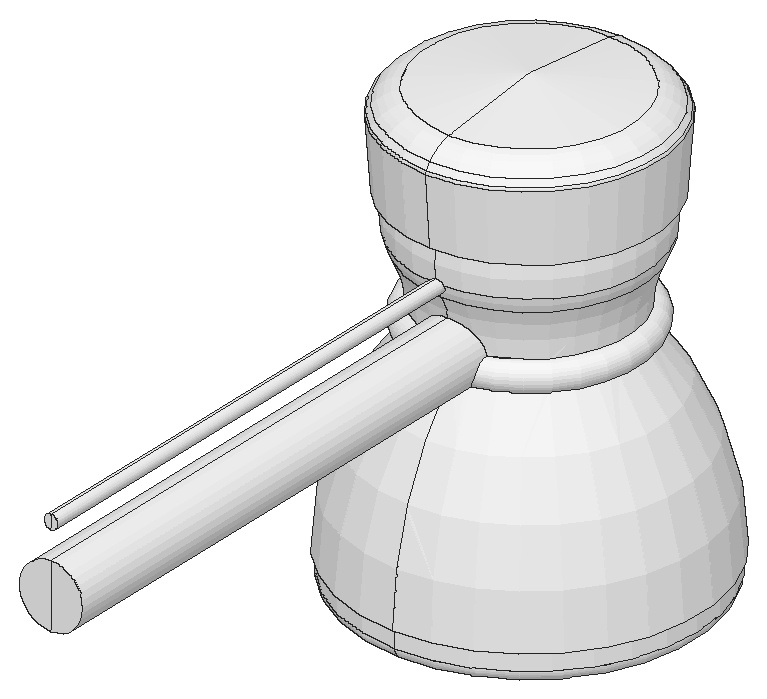
Revit family "734250001_Ducha Electrica 110V Megaducha", category Plumbing Fixtures, host Wall, Revit 2020
Family settings
  Host = Wall
  Round Connector Dimension = Use Diameter
  Part Type = Normal
  OmniClass Number = 23.31.17.00
  OmniClass Title = Showers
  Always vertical = Yes
  Cut with Voids When Loaded = No
  Shared = No
  Room Calculation Point = No
Parameters (values of type "Type 1")
  Uso = "Residencial"  # constant formula
  URL = "https://www.grival.com/griferias-y-accesorios/duchas/ducha-electrica/ducha-electrica-110v-megaducha/"
  Tensión nominal = "110 V"  # constant formula
  Temperatura de uso = "Entre 5˚C / 41 ° F a 71˚C / 159,8 °F"  # constant formula
  Resistividad mínima del agua = "1300 Ω cm"  # constant formula
  Resistencia = "Resistente a la corrosión, pelado y decoloración por agua"  # constant formula
  Referencia = "734250001"  # constant formula
  Productos compatibles = "Brazo DH Electrica con malla, Brazo DH Electrica Telescopio"  # constant formula
  Presión mínima recomendada = "14.5 psi"  # constant formula
  Presión máxima recomendada = "58 psi"  # constant formula
  Potencia Nominal = "4050 W"  # constant formula
  Peso neto = "390 g. - 0.86 lb"  # constant formula
  Normatividad = "NBR 12483, NBR 12087, NBR 12089, NBR 12090"  # constant formula
  Material = Corona_Plastico_Blanco
  Manufacturer = "Grival"  # constant formula
  Largo = 140 mm
  Interruptor Requerido = "40 A"  # constant formula
  Grado de protección = "IP24"  # constant formula
  Garantía = "2 años"  # constant formula
  Fecha de creación = "21/06/2021"  # constant formula
  Diámetro = 100 mm
  Dimensión de la regadera = "150 x 121 x 121 mm"  # constant formula
  Description = "Ducha eléctrica con certificación RETIE fabricado en aleaciones de cobre, acero, plata, níquel, cromo, aluminio, elastómeros y termoplásticos. 3 temperaturas (FRIO, TÍBIO Y CALIENTE) es posible alcanzar la temperatura ideal y tener el consumo de energía eléctrica de acuerdo a la necesidad. En días y/o regiones más frías, se puede disfrutar de agua caliente en la posición CALIENTE y en días calientes, la economía puede alcanzar 65%, utilizando la ducha en la posición TÍBIA."  # constant formula
  Default Elevation = 0 mm
  Creado por = "BIMBAU"  # constant formula
  Corriente Nominal = "36.8 A"  # constant formula
  Cableado mínimo = "10 mm2 - 8 AWG"  # constant formula
Reference planes
  plane 1: y = 0
  plane 2 "Center (Left/Right)": x = 125
  plane 3 "Back": y = 75
  plane 4: x = 75
  plane 5: x = 175
  plane 6: y = 300
  plane 7: z = 2123
  plane 8: z = 1983
  plane 9: y = 200
  plane 10: y = 250
Forms (mm)
  Extrusion 1, solid, material "Corona_Plastico_Blanco" <- "Material", detail levels coarse
    sketch origin (-323.441, 300, 4000) x (-1, 0, 0) y (0, 0, 1)
      loop
        line (-398.441, -1877) -> (-498.441, -1877) -> (-498.441, -2017) -> (-398.441, -2017) -> (-398.441, -1877)
    from 0 to -225
  Revolve 2, solid, material "Corona_Plastico_Blanco" <- "Material", detail levels medium+fine
    sketch origin (125, 0, 0) x (0, 1, 0) y (0, 0, 1)
      loop
        line (250, 1983.04) -> (250, 2123)
        arc (250, 2123) -> (235.134, 2121.969) -> (220.421, 2119.61) r 166.016
        arc (220.421, 2119.61) -> (216.713, 2118.161) -> (213.694, 2115.568) r 11.865
        arc (213.694, 2115.568) -> (213.075, 2114.772) -> (212.511, 2113.936) r 15.379
        arc (212.511, 2113.936) -> (212.295, 2113.462) -> (212.212, 2112.948) r 1.946
        arc (212.212, 2112.948) -> (212.45, 2102.933) -> (213.658, 2092.989) r 103.104
        line (213.658, 2092.989) -> (215.949, 2092.989)
        arc (215.949, 2092.989) -> (215.481, 2087.884) -> (215.949, 2082.779) r 28.071
        arc (215.949, 2082.779) -> (216.551, 2080.568) -> (217.511, 2078.487) r 13.806
        arc (217.511, 2078.487) -> (220.372, 2071.496) -> (221.389, 2064.012) r 29.882
        arc (221.389, 2064.012) -> (217.246, 2059.869) -> (221.389, 2055.725) r 4.143
        arc (221.389, 2055.725) -> (205.482, 2029.175) -> (200, 1998.714) r 86.035
        line (200, 1998.714) -> (200.79, 1998.714) -> (200.79, 1993.672)
        arc (200.79, 1993.672) -> (201.498, 1991.545) -> (203.338, 1990.267) r 3.549
        arc (203.338, 1990.267) -> (226.43, 1985.109) -> (250, 1983.04) r 179.068
      axis (250, 2123) -> (250, 1983.04)
    angle from 0 to 360
  Revolve 3, solid, material "Corona_Plastico_Blanco" <- "Material", detail levels medium+fine
    sketch origin (125, 1.25, 11.25) x (0, 1, 0) y (0, 0, 1)
      loop
        line (283.242, 2092.893) -> (290.818, 2092.893) -> (290.818, 2093.844)
        arc (290.818, 2093.844) -> (289.928, 2095.991) -> (287.78, 2096.881) r 3.037
        line (287.78, 2096.881) -> (283.242, 2096.881) -> (283.242, 2092.893)
      axis (290.818, 2092.893) -> (283.242, 2092.893)
    angle from 0 to 360
  Revolve 4, solid, material "Corona_Plastico_Blanco" <- "Material", detail levels medium+fine
    sketch origin (125, 0, 0) x (0, 1, 0) y (0, 0, 1)
      loop
        line (226.008, 2062.628) -> (226.008, 2071.878) -> (75, 2071.878) -> (75, 2062.628) -> (226.008, 2062.628)
      axis (75, 2062.628) -> (226.008, 2062.628)
    angle from 0 to 360
  Revolve 5, solid, material "Corona_Plastico_Blanco" <- "Material", detail levels medium+fine
    sketch origin (125, 0, 0) x (0, 1, 0) y (0, 0, 1)
      loop
        line (219.326, 2082.081) -> (219.326, 2084.081) -> (75, 2084.081) -> (75, 2082.081) -> (219.326, 2082.081)
      axis (75, 2082.081) -> (219.326, 2082.081)
    angle from 0 to 360
  Revolve 6, solid, material "Corona_Plastico_Blanco" <- "Material", detail levels medium+fine
    sketch origin (125, 478.351, 2.417) x (0, -1, 0) y (0, 0, 1)
      loop
        arc (250, 1983.843) -> (248.75, 1982.593) -> (250, 1981.343) r 1.25
        line (250, 1981.343) -> (250, 1983.843)
      axis (250, 1983.843) -> (250, 1981.343)
    angle from 0 to 360
  Revolve 7, solid, material "Corona_Plastico_Blanco" <- "Material", detail levels medium+fine
    sketch origin (133.745, 480.694, 2.417) x (0, -1, 0) y (0, 0, 1)
      loop
        arc (250, 1983.843) -> (248.75, 1982.593) -> (250, 1981.343) r 1.25
        line (250, 1981.343) -> (250, 1983.843)
      axis (250, 1983.843) -> (250, 1981.343)
    angle from 0 to 360
  Revolve 8, solid, material "Corona_Plastico_Blanco" <- "Material", detail levels medium+fine
    sketch origin (141.102, 484.942, 2.417) x (0, -1, 0) y (0, 0, 1)
      loop
        arc (250, 1983.843) -> (248.75, 1982.593) -> (250, 1981.343) r 1.25
        line (250, 1981.343) -> (250, 1983.843)
      axis (250, 1983.843) -> (250, 1981.343)
    angle from 0 to 360
  Revolve 9, solid, material "Corona_Plastico_Blanco" <- "Material", detail levels medium+fine
    sketch origin (145.566, 492.673, 2.417) x (0, -1, 0) y (0, 0, 1)
      loop
        arc (250, 1983.843) -> (248.75, 1982.593) -> (250, 1981.343) r 1.25
        line (250, 1981.343) -> (250, 1983.843)
      axis (250, 1983.843) -> (250, 1981.343)
    angle from 0 to 360
  Revolve 10, solid, material "Corona_Plastico_Blanco" <- "Material", detail levels medium+fine
    sketch origin (116.809, 480.466, 2.417) x (0, -1, 0) y (0, 0, 1)
      loop
        arc (250, 1983.843) -> (248.75, 1982.593) -> (250, 1981.343) r 1.25
        line (250, 1981.343) -> (250, 1983.843)
      axis (250, 1983.843) -> (250, 1981.343)
    angle from 0 to 360
  Revolve 11, solid, material "Corona_Plastico_Blanco" <- "Material", detail levels medium+fine
    sketch origin (109.39, 485.661, 2.417) x (0, -1, 0) y (0, 0, 1)
      loop
        arc (250, 1983.843) -> (248.75, 1982.593) -> (250, 1981.343) r 1.25
        line (250, 1981.343) -> (250, 1983.843)
      axis (250, 1983.843) -> (250, 1981.343)
    angle from 0 to 360
  Revolve 12, solid, material "Corona_Plastico_Blanco" <- "Material", detail levels medium+fine
    sketch origin (104.458, 492.705, 2.417) x (0, -1, 0) y (0, 0, 1)
      loop
        arc (250, 1983.843) -> (248.75, 1982.593) -> (250, 1981.343) r 1.25
        line (250, 1981.343) -> (250, 1983.843)
      axis (250, 1983.843) -> (250, 1981.343)
    angle from 0 to 360
  Revolve 13, solid, material "Corona_Plastico_Blanco" <- "Material", detail levels medium+fine
    sketch origin (125, 21.812, 2.417) x (0, 1, 0) y (0, 0, 1)
      loop
        arc (250, 1983.843) -> (248.75, 1982.593) -> (250, 1981.343) r 1.25
        line (250, 1981.343) -> (250, 1983.843)
      axis (250, 1983.843) -> (250, 1981.343)
    angle from 0 to 360
  Revolve 14, solid, material "Corona_Plastico_Blanco" <- "Material", detail levels medium+fine
    sketch origin (133.745, 19.469, 2.417) x (0, 1, 0) y (0, 0, 1)
      loop
        arc (250, 1983.843) -> (248.75, 1982.593) -> (250, 1981.343) r 1.25
        line (250, 1981.343) -> (250, 1983.843)
      axis (250, 1983.843) -> (250, 1981.343)
    angle from 0 to 360
  Revolve 15, solid, material "Corona_Plastico_Blanco" <- "Material", detail levels medium+fine
    sketch origin (141.102, 15.221, 2.417) x (0, 1, 0) y (0, 0, 1)
      loop
        arc (250, 1983.843) -> (248.75, 1982.593) -> (250, 1981.343) r 1.25
        line (250, 1981.343) -> (250, 1983.843)
      axis (250, 1983.843) -> (250, 1981.343)
    angle from 0 to 360
  Revolve 16, solid, material "Corona_Plastico_Blanco" <- "Material", detail levels medium+fine
    sketch origin (145.566, 7.49, 2.417) x (0, 1, 0) y (0, 0, 1)
      loop
        arc (250, 1983.843) -> (248.75, 1982.593) -> (250, 1981.343) r 1.25
        line (250, 1981.343) -> (250, 1983.843)
      axis (250, 1983.843) -> (250, 1981.343)
    angle from 0 to 360
  Revolve 17, solid, material "Corona_Plastico_Blanco" <- "Material", detail levels medium+fine
    sketch origin (116.809, 19.696, 2.417) x (0, 1, 0) y (0, 0, 1)
      loop
        arc (250, 1983.843) -> (248.75, 1982.593) -> (250, 1981.343) r 1.25
        line (250, 1981.343) -> (250, 1983.843)
      axis (250, 1983.843) -> (250, 1981.343)
    angle from 0 to 360
  Revolve 18, solid, material "Corona_Plastico_Blanco" <- "Material", detail levels medium+fine
    sketch origin (109.39, 14.502, 2.417) x (0, 1, 0) y (0, 0, 1)
      loop
        arc (250, 1983.843) -> (248.75, 1982.593) -> (250, 1981.343) r 1.25
        line (250, 1981.343) -> (250, 1983.843)
      axis (250, 1983.843) -> (250, 1981.343)
    angle from 0 to 360
  Revolve 19, solid, material "Corona_Plastico_Blanco" <- "Material", detail levels medium+fine
    sketch origin (104.458, 7.458, 2.417) x (0, 1, 0) y (0, 0, 1)
      loop
        arc (250, 1983.843) -> (248.75, 1982.593) -> (250, 1981.343) r 1.25
        line (250, 1981.343) -> (250, 1983.843)
      axis (250, 1983.843) -> (250, 1981.343)
    angle from 0 to 360
  Revolve 20, solid, material "Corona_Plastico_Blanco" <- "Material", detail levels medium+fine
    sketch origin (103.138, -0.025, 2.417) x (0, 1, 0) y (0, 0, 1)
      loop
        arc (250, 1983.843) -> (248.75, 1982.593) -> (250, 1981.343) r 1.25
        line (250, 1981.343) -> (250, 1983.843)
      axis (250, 1983.843) -> (250, 1981.343)
    angle from 0 to 360
  Revolve 21, solid, material "Corona_Plastico_Blanco" <- "Material", detail levels medium+fine
    sketch origin (146.862, -0.025, 2.417) x (0, 1, 0) y (0, 0, -1)
      loop
        line (250, -1983.843) -> (250, -1981.343)
        arc (250, -1981.343) -> (248.75, -1982.593) -> (250, -1983.843) r 1.25
      axis (250, -1983.843) -> (250, -1981.343)
    angle from 0 to 360
  Revolve 22, solid, material "Corona_Plastico_Blanco" <- "Material", detail levels medium+fine
    sketch origin (125, 27.599, 3.67) x (0, 1, 0) y (0, 0, 1)
      loop
        arc (250, 1983.843) -> (248.75, 1982.593) -> (250, 1981.343) r 1.25
        line (250, 1981.343) -> (250, 1983.843)
      axis (250, 1983.843) -> (250, 1981.343)
    angle from 0 to 360
  Revolve 23, solid, material "Corona_Plastico_Blanco" <- "Material", detail levels medium+fine
    sketch origin (118.042, 26.497, 3.67) x (0, 1, 0) y (0, 0, 1)
      loop
        arc (250, 1983.843) -> (248.75, 1982.593) -> (250, 1981.343) r 1.25
        line (250, 1981.343) -> (250, 1983.843)
      axis (250, 1983.843) -> (250, 1981.343)
    angle from 0 to 360
  Revolve 24, solid, material "Corona_Plastico_Blanco" <- "Material", detail levels medium+fine
    sketch origin (111.205, 24.275, 3.67) x (0, 1, 0) y (0, 0, 1)
      loop
        arc (250, 1983.843) -> (248.75, 1982.593) -> (250, 1981.343) r 1.25
        line (250, 1981.343) -> (250, 1983.843)
      axis (250, 1983.843) -> (250, 1981.343)
    angle from 0 to 360
  Revolve 25, solid, material "Corona_Plastico_Blanco" <- "Material", detail levels medium+fine
    sketch origin (105.243, 19.447, 3.67) x (0, 1, 0) y (0, 0, 1)
      loop
        arc (250, 1983.843) -> (248.75, 1982.593) -> (250, 1981.343) r 1.25
        line (250, 1981.343) -> (250, 1983.843)
      axis (250, 1983.843) -> (250, 1981.343)
    angle from 0 to 360
  Revolve 26, solid, material "Corona_Plastico_Blanco" <- "Material", detail levels medium+fine
    sketch origin (100.832, 13.802, 3.67) x (0, 1, 0) y (0, 0, 1)
      loop
        arc (250, 1983.843) -> (248.75, 1982.593) -> (250, 1981.343) r 1.25
        line (250, 1981.343) -> (250, 1983.843)
      axis (250, 1983.843) -> (250, 1981.343)
    angle from 0 to 360
  Revolve 27, solid, material "Corona_Plastico_Blanco" <- "Material", detail levels medium+fine
    sketch origin (98.001, 7.134, 3.67) x (0, 1, 0) y (0, 0, 1)
      loop
        arc (250, 1983.843) -> (248.75, 1982.593) -> (250, 1981.343) r 1.25
        line (250, 1981.343) -> (250, 1983.843)
      axis (250, 1983.843) -> (250, 1981.343)
    angle from 0 to 360
  Revolve 28, solid, material "Corona_Plastico_Blanco" <- "Material", detail levels medium+fine
    sketch origin (97.248, -0.032, 3.67) x (0, 1, 0) y (0, 0, 1)
      loop
        arc (250, 1983.843) -> (248.75, 1982.593) -> (250, 1981.343) r 1.25
        line (250, 1981.343) -> (250, 1983.843)
      axis (250, 1983.843) -> (250, 1981.343)
    angle from 0 to 360
  Revolve 29, solid, material "Corona_Plastico_Blanco" <- "Material", detail levels medium+fine
    sketch origin (131.958, 26.497, 3.67) x (0, 1, 0) y (0, 0, -1)
      loop
        line (250, -1983.843) -> (250, -1981.343)
        arc (250, -1981.343) -> (248.75, -1982.593) -> (250, -1983.843) r 1.25
      axis (250, -1983.843) -> (250, -1981.343)
    angle from 0 to 360
  Revolve 30, solid, material "Corona_Plastico_Blanco" <- "Material", detail levels medium+fine
    sketch origin (138.795, 24.275, 3.67) x (0, 1, 0) y (0, 0, -1)
      loop
        line (250, -1983.843) -> (250, -1981.343)
        arc (250, -1981.343) -> (248.75, -1982.593) -> (250, -1983.843) r 1.25
      axis (250, -1983.843) -> (250, -1981.343)
    angle from 0 to 360
  Revolve 31, solid, material "Corona_Plastico_Blanco" <- "Material", detail levels medium+fine
    sketch origin (144.757, 19.447, 3.67) x (0, 1, 0) y (0, 0, -1)
      loop
        line (250, -1983.843) -> (250, -1981.343)
        arc (250, -1981.343) -> (248.75, -1982.593) -> (250, -1983.843) r 1.25
      axis (250, -1983.843) -> (250, -1981.343)
    angle from 0 to 360
  Revolve 32, solid, material "Corona_Plastico_Blanco" <- "Material", detail levels medium+fine
    sketch origin (149.168, 13.802, 3.67) x (0, 1, 0) y (0, 0, -1)
      loop
        line (250, -1983.843) -> (250, -1981.343)
        arc (250, -1981.343) -> (248.75, -1982.593) -> (250, -1983.843) r 1.25
      axis (250, -1983.843) -> (250, -1981.343)
    angle from 0 to 360
  Revolve 33, solid, material "Corona_Plastico_Blanco" <- "Material", detail levels medium+fine
    sketch origin (151.999, 7.134, 3.67) x (0, 1, 0) y (0, 0, -1)
      loop
        line (250, -1983.843) -> (250, -1981.343)
        arc (250, -1981.343) -> (248.75, -1982.593) -> (250, -1983.843) r 1.25
      axis (250, -1983.843) -> (250, -1981.343)
    angle from 0 to 360
  Revolve 34, solid, material "Corona_Plastico_Blanco" <- "Material", detail levels medium+fine
    sketch origin (152.752, -0.032, 3.67) x (0, 1, 0) y (0, 0, -1)
      loop
        line (250, -1983.843) -> (250, -1981.343)
        arc (250, -1981.343) -> (248.75, -1982.593) -> (250, -1983.843) r 1.25
      axis (250, -1983.843) -> (250, -1981.343)
    angle from 0 to 360
  Revolve 35, solid, material "Corona_Plastico_Blanco" <- "Material", detail levels medium+fine
    sketch origin (125, 472.507, 3.67) x (0, -1, 0) y (0, 0, 1)
      loop
        arc (250, 1983.843) -> (248.75, 1982.593) -> (250, 1981.343) r 1.25
        line (250, 1981.343) -> (250, 1983.843)
      axis (250, 1983.843) -> (250, 1981.343)
    angle from 0 to 360
  Revolve 36, solid, material "Corona_Plastico_Blanco" <- "Material", detail levels medium+fine
    sketch origin (118.042, 473.609, 3.67) x (0, -1, 0) y (0, 0, -1)
      loop
        line (250, -1983.843) -> (250, -1981.343)
        arc (250, -1981.343) -> (248.75, -1982.593) -> (250, -1983.843) r 1.25
      axis (250, -1983.843) -> (250, -1981.343)
    angle from 0 to 360
  Revolve 37, solid, material "Corona_Plastico_Blanco" <- "Material", detail levels medium+fine
    sketch origin (111.205, 475.83, 3.67) x (0, -1, 0) y (0, 0, -1)
      loop
        line (250, -1983.843) -> (250, -1981.343)
        arc (250, -1981.343) -> (248.75, -1982.593) -> (250, -1983.843) r 1.25
      axis (250, -1983.843) -> (250, -1981.343)
    angle from 0 to 360
  Revolve 38, solid, material "Corona_Plastico_Blanco" <- "Material", detail levels medium+fine
    sketch origin (105.243, 480.658, 3.67) x (0, -1, 0) y (0, 0, -1)
      loop
        line (250, -1983.843) -> (250, -1981.343)
        arc (250, -1981.343) -> (248.75, -1982.593) -> (250, -1983.843) r 1.25
      axis (250, -1983.843) -> (250, -1981.343)
    angle from 0 to 360
  Revolve 39, solid, material "Corona_Plastico_Blanco" <- "Material", detail levels medium+fine
    sketch origin (100.832, 486.304, 3.67) x (0, -1, 0) y (0, 0, -1)
      loop
        line (250, -1983.843) -> (250, -1981.343)
        arc (250, -1981.343) -> (248.75, -1982.593) -> (250, -1983.843) r 1.25
      axis (250, -1983.843) -> (250, -1981.343)
    angle from 0 to 360
  Revolve 40, solid, material "Corona_Plastico_Blanco" <- "Material", detail levels medium+fine
    sketch origin (98.001, 492.972, 3.67) x (0, -1, 0) y (0, 0, -1)
      loop
        line (250, -1983.843) -> (250, -1981.343)
        arc (250, -1981.343) -> (248.75, -1982.593) -> (250, -1983.843) r 1.25
      axis (250, -1983.843) -> (250, -1981.343)
    angle from 0 to 360
  Revolve 41, solid, material "Corona_Plastico_Blanco" <- "Material", detail levels medium+fine
    sketch origin (131.958, 473.609, 3.67) x (0, -1, 0) y (0, 0, 1)
      loop
        arc (250, 1983.843) -> (248.75, 1982.593) -> (250, 1981.343) r 1.25
        line (250, 1981.343) -> (250, 1983.843)
      axis (250, 1983.843) -> (250, 1981.343)
    angle from 0 to 360
  Revolve 42, solid, material "Corona_Plastico_Blanco" <- "Material", detail levels medium+fine
    sketch origin (138.795, 475.83, 3.67) x (0, -1, 0) y (0, 0, 1)
      loop
        arc (250, 1983.843) -> (248.75, 1982.593) -> (250, 1981.343) r 1.25
        line (250, 1981.343) -> (250, 1983.843)
      axis (250, 1983.843) -> (250, 1981.343)
    angle from 0 to 360
  Revolve 43, solid, material "Corona_Plastico_Blanco" <- "Material", detail levels medium+fine
    sketch origin (144.757, 480.658, 3.67) x (0, -1, 0) y (0, 0, 1)
      loop
        arc (250, 1983.843) -> (248.75, 1982.593) -> (250, 1981.343) r 1.25
        line (250, 1981.343) -> (250, 1983.843)
      axis (250, 1983.843) -> (250, 1981.343)
    angle from 0 to 360
  Revolve 44, solid, material "Corona_Plastico_Blanco" <- "Material", detail levels medium+fine
    sketch origin (149.168, 486.304, 3.67) x (0, -1, 0) y (0, 0, 1)
      loop
        arc (250, 1983.843) -> (248.75, 1982.593) -> (250, 1981.343) r 1.25
        line (250, 1981.343) -> (250, 1983.843)
      axis (250, 1983.843) -> (250, 1981.343)
    angle from 0 to 360
  Revolve 45, solid, material "Corona_Plastico_Blanco" <- "Material", detail levels medium+fine
    sketch origin (151.999, 492.972, 3.67) x (0, -1, 0) y (0, 0, 1)
      loop
        arc (250, 1983.843) -> (248.75, 1982.593) -> (250, 1981.343) r 1.25
        line (250, 1981.343) -> (250, 1983.843)
      axis (250, 1983.843) -> (250, 1981.343)
    angle from 0 to 360
  Revolve 46, solid, material "Corona_Plastico_Blanco" <- "Material", detail levels medium+fine
    sketch origin (125, 33.889, 4.762) x (0, 1, 0) y (0, 0, 1)
      loop
        arc (250, 1983.843) -> (248.75, 1982.593) -> (250, 1981.343) r 1.25
        line (250, 1981.343) -> (250, 1983.843)
      axis (250, 1983.843) -> (250, 1981.343)
    angle from 0 to 360
  Revolve 47, solid, material "Corona_Plastico_Blanco" <- "Material", detail levels medium+fine
    sketch origin (116.188, 32.493, 4.762) x (0, 1, 0) y (0, 0, 1)
      loop
        arc (250, 1983.843) -> (248.75, 1982.593) -> (250, 1981.343) r 1.25
        line (250, 1981.343) -> (250, 1983.843)
      axis (250, 1983.843) -> (250, 1981.343)
    angle from 0 to 360
  Revolve 48, solid, material "Corona_Plastico_Blanco" <- "Material", detail levels medium+fine
    sketch origin (107.769, 29.429, 4.762) x (0, 1, 0) y (0, 0, 1)
      loop
        arc (250, 1983.843) -> (248.75, 1982.593) -> (250, 1981.343) r 1.25
        line (250, 1981.343) -> (250, 1983.843)
      axis (250, 1983.843) -> (250, 1981.343)
    angle from 0 to 360
  Revolve 49, solid, material "Corona_Plastico_Blanco" <- "Material", detail levels medium+fine
    sketch origin (100.833, 23.812, 4.762) x (0, 1, 0) y (0, 0, 1)
      loop
        arc (250, 1983.843) -> (248.75, 1982.593) -> (250, 1981.343) r 1.25
        line (250, 1981.343) -> (250, 1983.843)
      axis (250, 1983.843) -> (250, 1981.343)
    angle from 0 to 360
  Revolve 50, solid, material "Corona_Plastico_Blanco" <- "Material", detail levels medium+fine
    sketch origin (94.943, 16.793, 4.762) x (0, 1, 0) y (0, 0, 1)
      loop
        arc (250, 1983.843) -> (248.75, 1982.593) -> (250, 1981.343) r 1.25
        line (250, 1981.343) -> (250, 1983.843)
      axis (250, 1983.843) -> (250, 1981.343)
    angle from 0 to 360
  Revolve 51, solid, material "Corona_Plastico_Blanco" <- "Material", detail levels medium+fine
    sketch origin (91.723, 8.403, 4.762) x (0, 1, 0) y (0, 0, 1)
      loop
        arc (250, 1983.843) -> (248.75, 1982.593) -> (250, 1981.343) r 1.25
        line (250, 1981.343) -> (250, 1983.843)
      axis (250, 1983.843) -> (250, 1981.343)
    angle from 0 to 360
  Revolve 52, solid, material "Corona_Plastico_Blanco" <- "Material", detail levels medium+fine
    sketch origin (90.548, 0.047, 4.762) x (0, 1, 0) y (0, 0, 1)
      loop
        arc (250, 1983.843) -> (248.75, 1982.593) -> (250, 1981.343) r 1.25
        line (250, 1981.343) -> (250, 1983.843)
      axis (250, 1983.843) -> (250, 1981.343)
    angle from 0 to 360
  Revolve 53, solid, material "Corona_Plastico_Blanco" <- "Material", detail levels medium+fine
    sketch origin (133.812, 32.493, 4.762) x (0, 1, 0) y (0, 0, -1)
      loop
        line (250, -1983.843) -> (250, -1981.343)
        arc (250, -1981.343) -> (248.75, -1982.593) -> (250, -1983.843) r 1.25
      axis (250, -1983.843) -> (250, -1981.343)
    angle from 0 to 360
  Revolve 54, solid, material "Corona_Plastico_Blanco" <- "Material", detail levels medium+fine
    sketch origin (142.231, 29.429, 4.762) x (0, 1, 0) y (0, 0, -1)
      loop
        line (250, -1983.843) -> (250, -1981.343)
        arc (250, -1981.343) -> (248.75, -1982.593) -> (250, -1983.843) r 1.25
      axis (250, -1983.843) -> (250, -1981.343)
    angle from 0 to 360
  Revolve 55, solid, material "Corona_Plastico_Blanco" <- "Material", detail levels medium+fine
    sketch origin (149.167, 23.812, 4.762) x (0, 1, 0) y (0, 0, -1)
      loop
        line (250, -1983.843) -> (250, -1981.343)
        arc (250, -1981.343) -> (248.75, -1982.593) -> (250, -1983.843) r 1.25
      axis (250, -1983.843) -> (250, -1981.343)
    angle from 0 to 360
  Revolve 56, solid, material "Corona_Plastico_Blanco" <- "Material", detail levels medium+fine
    sketch origin (155.057, 16.793, 4.762) x (0, 1, 0) y (0, 0, -1)
      loop
        line (250, -1983.843) -> (250, -1981.343)
        arc (250, -1981.343) -> (248.75, -1982.593) -> (250, -1983.843) r 1.25
      axis (250, -1983.843) -> (250, -1981.343)
    angle from 0 to 360
  Revolve 57, solid, material "Corona_Plastico_Blanco" <- "Material", detail levels medium+fine
    sketch origin (158.277, 8.403, 4.762) x (0, 1, 0) y (0, 0, -1)
      loop
        line (250, -1983.843) -> (250, -1981.343)
        arc (250, -1981.343) -> (248.75, -1982.593) -> (250, -1983.843) r 1.25
      axis (250, -1983.843) -> (250, -1981.343)
    angle from 0 to 360
  Revolve 58, solid, material "Corona_Plastico_Blanco" <- "Material", detail levels medium+fine
    sketch origin (159.452, 0.047, 4.762) x (0, 1, 0) y (0, 0, -1)
      loop
        line (250, -1983.843) -> (250, -1981.343)
        arc (250, -1981.343) -> (248.75, -1982.593) -> (250, -1983.843) r 1.25
      axis (250, -1983.843) -> (250, -1981.343)
    angle from 0 to 360
  Revolve 59, solid, material "Corona_Plastico_Blanco" <- "Material", detail levels medium+fine
    sketch origin (125, 466.28, 4.762) x (0, -1, 0) y (0, 0, 1)
      loop
        arc (250, 1983.843) -> (248.75, 1982.593) -> (250, 1981.343) r 1.25
        line (250, 1981.343) -> (250, 1983.843)
      axis (250, 1983.843) -> (250, 1981.343)
    angle from 0 to 360
  Revolve 60, solid, material "Corona_Plastico_Blanco" <- "Material", detail levels medium+fine
    sketch origin (116.188, 467.676, 4.762) x (0, -1, 0) y (0, 0, -1)
      loop
        line (250, -1983.843) -> (250, -1981.343)
        arc (250, -1981.343) -> (248.75, -1982.593) -> (250, -1983.843) r 1.25
      axis (250, -1983.843) -> (250, -1981.343)
    angle from 0 to 360
  Revolve 61, solid, material "Corona_Plastico_Blanco" <- "Material", detail levels medium+fine
    sketch origin (107.769, 470.74, 4.762) x (0, -1, 0) y (0, 0, -1)
      loop
        line (250, -1983.843) -> (250, -1981.343)
        arc (250, -1981.343) -> (248.75, -1982.593) -> (250, -1983.843) r 1.25
      axis (250, -1983.843) -> (250, -1981.343)
    angle from 0 to 360
  Revolve 62, solid, material "Corona_Plastico_Blanco" <- "Material", detail levels medium+fine
    sketch origin (100.833, 476.357, 4.762) x (0, -1, 0) y (0, 0, -1)
      loop
        line (250, -1983.843) -> (250, -1981.343)
        arc (250, -1981.343) -> (248.75, -1982.593) -> (250, -1983.843) r 1.25
      axis (250, -1983.843) -> (250, -1981.343)
    angle from 0 to 360
  Revolve 63, solid, material "Corona_Plastico_Blanco" <- "Material", detail levels medium+fine
    sketch origin (94.943, 483.376, 4.762) x (0, -1, 0) y (0, 0, -1)
      loop
        line (250, -1983.843) -> (250, -1981.343)
        arc (250, -1981.343) -> (248.75, -1982.593) -> (250, -1983.843) r 1.25
      axis (250, -1983.843) -> (250, -1981.343)
    angle from 0 to 360
  Revolve 64, solid, material "Corona_Plastico_Blanco" <- "Material", detail levels medium+fine
    sketch origin (91.723, 491.767, 4.762) x (0, -1, 0) y (0, 0, -1)
      loop
        line (250, -1983.843) -> (250, -1981.343)
        arc (250, -1981.343) -> (248.75, -1982.593) -> (250, -1983.843) r 1.25
      axis (250, -1983.843) -> (250, -1981.343)
    angle from 0 to 360
  Revolve 65, solid, material "Corona_Plastico_Blanco" <- "Material", detail levels medium+fine
    sketch origin (133.812, 467.676, 4.762) x (0, -1, 0) y (0, 0, 1)
      loop
        arc (250, 1983.843) -> (248.75, 1982.593) -> (250, 1981.343) r 1.25
        line (250, 1981.343) -> (250, 1983.843)
      axis (250, 1983.843) -> (250, 1981.343)
    angle from 0 to 360
  Revolve 66, solid, material "Corona_Plastico_Blanco" <- "Material", detail levels medium+fine
    sketch origin (142.231, 470.74, 4.762) x (0, -1, 0) y (0, 0, 1)
      loop
        arc (250, 1983.843) -> (248.75, 1982.593) -> (250, 1981.343) r 1.25
        line (250, 1981.343) -> (250, 1983.843)
      axis (250, 1983.843) -> (250, 1981.343)
    angle from 0 to 360
  Revolve 67, solid, material "Corona_Plastico_Blanco" <- "Material", detail levels medium+fine
    sketch origin (149.167, 476.357, 4.762) x (0, -1, 0) y (0, 0, 1)
      loop
        arc (250, 1983.843) -> (248.75, 1982.593) -> (250, 1981.343) r 1.25
        line (250, 1981.343) -> (250, 1983.843)
      axis (250, 1983.843) -> (250, 1981.343)
    angle from 0 to 360
  Revolve 68, solid, material "Corona_Plastico_Blanco" <- "Material", detail levels medium+fine
    sketch origin (155.057, 483.376, 4.762) x (0, -1, 0) y (0, 0, 1)
      loop
        arc (250, 1983.843) -> (248.75, 1982.593) -> (250, 1981.343) r 1.25
        line (250, 1981.343) -> (250, 1983.843)
      axis (250, 1983.843) -> (250, 1981.343)
    angle from 0 to 360
  Revolve 69, solid, material "Corona_Plastico_Blanco" <- "Material", detail levels medium+fine
    sketch origin (158.277, 491.767, 4.762) x (0, -1, 0) y (0, 0, 1)
      loop
        arc (250, 1983.843) -> (248.75, 1982.593) -> (250, 1981.343) r 1.25
        line (250, 1981.343) -> (250, 1983.843)
      axis (250, 1983.843) -> (250, 1981.343)
    angle from 0 to 360
  Revolve 70, solid, material "Corona_Plastico_Blanco" <- "Material", not visible, detail levels medium+fine
    sketch origin (125, -0.313, 0) x (0, 1, 0) y (0, 0, 1)
      loop
        line (297.886, 1992.294) -> (294.945, 1989.353)
        arc (294.945, 1989.353) -> (295.623, 1988.897) -> (296.439, 1988.953) r 1.263
        arc (296.439, 1988.953) -> (297.834, 1990.332) -> (297.886, 1992.294) r 2.628
      axis (297.886, 1992.294) -> (294.945, 1989.353)
    angle from 0 to 360
  Revolve 71, solid, material "Corona_Plastico_Blanco" <- "Material", not visible, detail levels medium+fine
    sketch origin (268.648, 44.275, 0) x (-0.544639, 0.838671, 0) y (0, 0, 1)
      loop
        line (298.198, 1992.294) -> (295.257, 1989.353)
        arc (295.257, 1989.353) -> (295.936, 1988.897) -> (296.751, 1988.953) r 1.263
        arc (296.751, 1988.953) -> (298.147, 1990.332) -> (298.198, 1992.294) r 2.628
      axis (298.198, 1992.294) -> (295.257, 1989.353)
    angle from 0 to 360
  Revolve 72, solid, material "Corona_Plastico_Blanco" <- "Material", not visible, detail levels medium+fine
    sketch origin (322.664, 96.468, 0) x (-0.777146, 0.62932, 0) y (0, 0, 1)
      loop
        line (298.198, 1992.294) -> (295.257, 1989.353)
        arc (295.257, 1989.353) -> (295.936, 1988.897) -> (296.751, 1988.953) r 1.263
        arc (296.751, 1988.953) -> (298.147, 1990.332) -> (298.198, 1992.294) r 2.628
      axis (298.198, 1992.294) -> (295.257, 1989.353)
    angle from 0 to 360
  Revolve 73, solid, material "Corona_Plastico_Blanco" <- "Material", not visible, detail levels medium+fine
    sketch origin (341.416, 124.029, 0) x (-0.87462, 0.48481, 0) y (0, 0, 1)
      loop
        line (298.198, 1992.294) -> (295.257, 1989.353)
        arc (295.257, 1989.353) -> (295.936, 1988.897) -> (296.751, 1988.953) r 1.263
        arc (296.751, 1988.953) -> (298.147, 1990.332) -> (298.198, 1992.294) r 2.628
      axis (298.198, 1992.294) -> (295.257, 1989.353)
    angle from 0 to 360
  Revolve 74, solid, material "Corona_Plastico_Blanco" <- "Material", not visible, detail levels medium+fine
    sketch origin (125, 249.687, 4000) x (-1, 0, 0) y (0, 0, 1)
      loop
        line (48.198, -2007.706) -> (45.257, -2010.647)
        arc (45.257, -2010.647) -> (45.936, -2011.103) -> (46.751, -2011.047) r 1.263
        arc (46.751, -2011.047) -> (48.147, -2009.668) -> (48.198, -2007.706) r 2.628
      axis (48.198, -2007.706) -> (45.257, -2010.647)
    angle from 0 to 360
  Revolve 75, solid, material "Corona_Plastico_Blanco" <- "Material", not visible, detail levels medium+fine
    sketch origin (-18.648, 44.275, 0) x (0.544639, 0.838671, 0) y (0, 0, -1)
      loop
        arc (298.198, -1992.294) -> (298.147, -1990.332) -> (296.751, -1988.953) r 2.628
        arc (296.751, -1988.953) -> (295.936, -1988.897) -> (295.257, -1989.353) r 1.263
        line (295.257, -1989.353) -> (298.198, -1992.294)
      axis (298.198, -1992.294) -> (295.257, -1989.353)
    angle from 0 to 360
  Revolve 76, solid, material "Corona_Plastico_Blanco" <- "Material", not visible, detail levels medium+fine
    sketch origin (-72.664, 96.468, 0) x (0.777146, 0.62932, 0) y (0, 0, -1)
      loop
        arc (298.198, -1992.294) -> (298.147, -1990.332) -> (296.751, -1988.953) r 2.628
        arc (296.751, -1988.953) -> (295.936, -1988.897) -> (295.257, -1989.353) r 1.263
        line (295.257, -1989.353) -> (298.198, -1992.294)
      axis (298.198, -1992.294) -> (295.257, -1989.353)
    angle from 0 to 360
  Revolve 77, solid, material "Corona_Plastico_Blanco" <- "Material", not visible, detail levels medium+fine
    sketch origin (-91.416, 124.029, 0) x (0.87462, 0.48481, 0) y (0, 0, -1)
      loop
        arc (298.198, -1992.294) -> (298.147, -1990.332) -> (296.751, -1988.953) r 2.628
        arc (296.751, -1988.953) -> (295.936, -1988.897) -> (295.257, -1989.353) r 1.263
        line (295.257, -1989.353) -> (298.198, -1992.294)
      axis (298.198, -1992.294) -> (295.257, -1989.353)
    angle from 0 to 360
  Revolve 78, solid, material "Corona_Plastico_Blanco" <- "Material", not visible, detail levels medium+fine
    sketch origin (125, 249.687, 4000) x (-1, 0, 0) y (0, 0, 1)
      loop
        arc (-48.198, -2007.706) -> (-48.147, -2009.668) -> (-46.751, -2011.047) r 2.628
        arc (-46.751, -2011.047) -> (-45.936, -2011.103) -> (-45.257, -2010.647) r 1.263
        line (-45.257, -2010.647) -> (-48.198, -2007.706)
      axis (-48.198, -2007.706) -> (-45.257, -2010.647)
    angle from 0 to 360
  Revolve 79, solid, material "Corona_Plastico_Blanco" <- "Material", not visible, detail levels medium+fine
    sketch origin (125, -0.313, 0) x (0, 1, 0) y (0, 0, 1)
      loop
        arc (202.114, 1992.294) -> (202.166, 1990.332) -> (203.561, 1988.953) r 2.628
        arc (203.561, 1988.953) -> (204.377, 1988.897) -> (205.055, 1989.353) r 1.263
        line (205.055, 1989.353) -> (202.114, 1992.294)
      axis (202.114, 1992.294) -> (205.055, 1989.353)
    angle from 0 to 360
  Revolve 80, solid, material "Corona_Plastico_Blanco" <- "Material", not visible, detail levels medium+fine
    sketch origin (268.648, 455.725, 0) x (-0.544639, -0.838671, 0) y (0, 0, -1)
      loop
        arc (298.198, -1992.294) -> (298.147, -1990.332) -> (296.751, -1988.953) r 2.628
        arc (296.751, -1988.953) -> (295.936, -1988.897) -> (295.257, -1989.353) r 1.263
        line (295.257, -1989.353) -> (298.198, -1992.294)
      axis (298.198, -1992.294) -> (295.257, -1989.353)
    angle from 0 to 360
  Revolve 81, solid, material "Corona_Plastico_Blanco" <- "Material", not visible, detail levels medium+fine
    sketch origin (322.664, 403.532, 0) x (-0.777146, -0.62932, 0) y (0, 0, -1)
      loop
        arc (298.198, -1992.294) -> (298.147, -1990.332) -> (296.751, -1988.953) r 2.628
        arc (296.751, -1988.953) -> (295.936, -1988.897) -> (295.257, -1989.353) r 1.263
        line (295.257, -1989.353) -> (298.198, -1992.294)
      axis (298.198, -1992.294) -> (295.257, -1989.353)
    angle from 0 to 360
  Revolve 82, solid, material "Corona_Plastico_Blanco" <- "Material", not visible, detail levels medium+fine
    sketch origin (341.416, 375.971, 0) x (-0.87462, -0.48481, 0) y (0, 0, -1)
      loop
        arc (298.198, -1992.294) -> (298.147, -1990.332) -> (296.751, -1988.953) r 2.628
        arc (296.751, -1988.953) -> (295.936, -1988.897) -> (295.257, -1989.353) r 1.263
        line (295.257, -1989.353) -> (298.198, -1992.294)
      axis (298.198, -1992.294) -> (295.257, -1989.353)
    angle from 0 to 360
  Revolve 83, solid, material "Corona_Plastico_Blanco" <- "Material", not visible, detail levels medium+fine
    sketch origin (-18.648, 455.725, 0) x (0.544639, -0.838671, 0) y (0, 0, 1)
      loop
        line (298.198, 1992.294) -> (295.257, 1989.353)
        arc (295.257, 1989.353) -> (295.936, 1988.897) -> (296.751, 1988.953) r 1.263
        arc (296.751, 1988.953) -> (298.147, 1990.332) -> (298.198, 1992.294) r 2.628
      axis (298.198, 1992.294) -> (295.257, 1989.353)
    angle from 0 to 360
  Revolve 84, solid, material "Corona_Plastico_Blanco" <- "Material", not visible, detail levels medium+fine
    sketch origin (-72.664, 403.532, 0) x (0.777146, -0.62932, 0) y (0, 0, 1)
      loop
        line (298.198, 1992.294) -> (295.257, 1989.353)
        arc (295.257, 1989.353) -> (295.936, 1988.897) -> (296.751, 1988.953) r 1.263
        arc (296.751, 1988.953) -> (298.147, 1990.332) -> (298.198, 1992.294) r 2.628
      axis (298.198, 1992.294) -> (295.257, 1989.353)
    angle from 0 to 360
  Revolve 85, solid, material "Corona_Plastico_Blanco" <- "Material", not visible, detail levels medium+fine
    sketch origin (-91.416, 375.971, 0) x (0.87462, -0.48481, 0) y (0, 0, 1)
      loop
        line (298.198, 1992.294) -> (295.257, 1989.353)
        arc (295.257, 1989.353) -> (295.936, 1988.897) -> (296.751, 1988.953) r 1.263
        arc (296.751, 1988.953) -> (298.147, 1990.332) -> (298.198, 1992.294) r 2.628
      axis (298.198, 1992.294) -> (295.257, 1989.353)
    angle from 0 to 360
Cuts and joins
  joined: Revolve 2, Revolve 4
Text (mm)
  text "Placement side" at (-1787.139, 592.35, 0), in view "Ref. Level"
  text "Placement side" at (0, 1827.695, 2917.686), in view "Left"
  text "Placement side" at (0, 562.268, 3853.606), in view "Right"
Dimensions and locks
  locked: plane 3 "Back" to host wall
  locked: level to plane 8 at 1983
  "Largo": plane 8 to plane 7
  equal spacing: plane 4, plane 2 "Center (Left/Right)", plane 5
  "Diámetro": plane 4 to plane 5
  "Diámetro": plane 6 to plane 9
  equal spacing: plane 6, plane 10, plane 9
  locked: plane 3 "Back" to plane 9 at 125
  locked: plane 6 to plane 10 at 50
  aligned and locked: plane 1 to host wall
  aligned and locked: Extrusion 1 to host wall
  aligned and locked: plane 7 to Extrusion 1
  aligned and locked: plane 10 to Revolve 2 sketch curve
  aligned and locked: plane 9 to cut or joined group of Revolve 2, Revolve 4
  aligned and locked: nested 3 to plane 3 "Back"
Automatic sketch dimensions
  Extrusion 1 sketch curve to plane 5 = 0 mm
  Extrusion 1 sketch curve to plane 4 = 0 mm
  Extrusion 1 sketch curve to plane 8 = 0 mm
  plane 7 to Extrusion 1 sketch curve = 0 mm
  Revolve 3 sketch curve to plane 6 = 15.508 mm
  Revolve 3 sketch curve to Revolve 3 sketch curve = 4.539 mm
  Revolve 3 sketch curve to Revolve 3 sketch curve = 3.037 mm
  Revolve 3 sketch curve to plane 7 = 18.857 mm
  Revolve 3 sketch curve to Revolve 3 sketch curve = 0.95 mm
  Revolve 3 sketch curve to Revolve 3 sketch curve = 0 mm  (x2)
  Revolve 3 sketch curve to Revolve 3 sketch curve = 2.35 mm
  Revolve 4 sketch curve to host wall = 0 mm
  Revolve 4 sketch curve to plane 10 = 23.992 mm
  Revolve 4 sketch curve to plane 7 = 60.372 mm
  Revolve 4 sketch curve to Revolve 4 sketch curve = 9.25 mm
  Revolve 4 sketch curve to Revolve 4 sketch curve = 0 mm  (x2)
  Revolve 4 sketch curve to Revolve 4 sketch curve = 5 mm
  Revolve 5 sketch curve to host wall = 0 mm
  plane 9 to Revolve 5 sketch curve = 19.326 mm
  Revolve 5 sketch curve to plane 7 = 40.919 mm
  Revolve 5 sketch curve to Revolve 5 sketch curve = 2 mm
  Revolve 5 sketch curve to Revolve 5 sketch curve = 0 mm  (x2)
  Revolve 5 sketch curve to Revolve 5 sketch curve = 3.109 mm
  Revolve 6 sketch curve to plane 8 = 0.76 mm
  plane 10 to Revolve 6 sketch curve = 21.649 mm
  Revolve 6 sketch curve to Revolve 6 sketch curve = 1.25 mm
  Revolve 6 sketch curve to Revolve 6 sketch curve = 0 mm
  Revolve 6 sketch curve to plane 8 = 0.105 mm
  Revolve 6 sketch curve to Revolve 6 sketch curve = 0.173 mm
  Revolve 7 sketch curve to plane 8 = 0.76 mm
  plane 10 to Revolve 7 sketch curve = 19.306 mm
  Revolve 7 sketch curve to Revolve 7 sketch curve = 1.25 mm
  Revolve 7 sketch curve to Revolve 7 sketch curve = 0 mm
  Revolve 7 sketch curve to plane 8 = 0.105 mm
  Revolve 7 sketch curve to Revolve 7 sketch curve = 0.173 mm
  Revolve 8 sketch curve to plane 8 = 0.76 mm
  plane 10 to Revolve 8 sketch curve = 15.058 mm
  Revolve 8 sketch curve to Revolve 8 sketch curve = 1.25 mm
  Revolve 8 sketch curve to Revolve 8 sketch curve = 0 mm
  Revolve 8 sketch curve to plane 8 = 0.105 mm
  Revolve 8 sketch curve to Revolve 8 sketch curve = 0.173 mm
  Revolve 9 sketch curve to plane 8 = 0.76 mm
  plane 10 to Revolve 9 sketch curve = 7.327 mm
  Revolve 9 sketch curve to Revolve 9 sketch curve = 1.25 mm
  Revolve 9 sketch curve to Revolve 9 sketch curve = 0 mm
  Revolve 9 sketch curve to plane 8 = 0.105 mm
  Revolve 9 sketch curve to Revolve 9 sketch curve = 0.173 mm
  Revolve 10 sketch curve to plane 8 = 0.76 mm
  plane 10 to Revolve 10 sketch curve = 19.534 mm
  Revolve 10 sketch curve to Revolve 10 sketch curve = 1.25 mm
  Revolve 10 sketch curve to Revolve 10 sketch curve = 0 mm
  Revolve 10 sketch curve to plane 8 = 0.105 mm
  Revolve 10 sketch curve to Revolve 10 sketch curve = 0.173 mm
  Revolve 11 sketch curve to plane 8 = 0.76 mm
  plane 10 to Revolve 11 sketch curve = 14.339 mm
  Revolve 11 sketch curve to Revolve 11 sketch curve = 1.25 mm
  Revolve 11 sketch curve to Revolve 11 sketch curve = 0 mm
  Revolve 11 sketch curve to plane 8 = 0.105 mm
  Revolve 11 sketch curve to Revolve 11 sketch curve = 0.173 mm
  Revolve 12 sketch curve to plane 8 = 0.76 mm
  plane 10 to Revolve 12 sketch curve = 7.295 mm
  Revolve 12 sketch curve to Revolve 12 sketch curve = 1.25 mm
  Revolve 12 sketch curve to Revolve 12 sketch curve = 0 mm
  Revolve 12 sketch curve to plane 8 = 0.105 mm
  Revolve 12 sketch curve to Revolve 12 sketch curve = 0.173 mm
  plane 8 to Revolve 13 sketch curve = 0.76 mm
  plane 10 to Revolve 13 sketch curve = 21.812 mm
  Revolve 13 sketch curve to Revolve 13 sketch curve = 1.25 mm
  Revolve 13 sketch curve to Revolve 13 sketch curve = 0 mm
  plane 8 to Revolve 13 sketch curve = 0.105 mm
  Revolve 13 sketch curve to Revolve 13 sketch curve = 0.173 mm
  plane 8 to Revolve 14 sketch curve = 0.76 mm
  plane 10 to Revolve 14 sketch curve = 19.469 mm
  Revolve 14 sketch curve to Revolve 14 sketch curve = 1.25 mm
  Revolve 14 sketch curve to Revolve 14 sketch curve = 0 mm
  plane 8 to Revolve 14 sketch curve = 0.105 mm
  Revolve 14 sketch curve to Revolve 14 sketch curve = 0.173 mm
  plane 8 to Revolve 15 sketch curve = 0.76 mm
  plane 10 to Revolve 15 sketch curve = 15.221 mm
  Revolve 15 sketch curve to Revolve 15 sketch curve = 1.25 mm
  Revolve 15 sketch curve to Revolve 15 sketch curve = 0 mm
  plane 8 to Revolve 15 sketch curve = 0.105 mm
  Revolve 15 sketch curve to Revolve 15 sketch curve = 0.173 mm
  plane 8 to Revolve 16 sketch curve = 0.76 mm
  plane 10 to Revolve 16 sketch curve = 7.49 mm
  Revolve 16 sketch curve to Revolve 16 sketch curve = 1.25 mm
  Revolve 16 sketch curve to Revolve 16 sketch curve = 0 mm
  plane 8 to Revolve 16 sketch curve = 0.105 mm
  Revolve 16 sketch curve to Revolve 16 sketch curve = 0.173 mm
  plane 8 to Revolve 17 sketch curve = 0.76 mm
  plane 10 to Revolve 17 sketch curve = 19.696 mm
  Revolve 17 sketch curve to Revolve 17 sketch curve = 1.25 mm
  Revolve 17 sketch curve to Revolve 17 sketch curve = 0 mm
  plane 8 to Revolve 17 sketch curve = 0.105 mm
  Revolve 17 sketch curve to Revolve 17 sketch curve = 0.173 mm
  plane 8 to Revolve 18 sketch curve = 0.76 mm
  plane 10 to Revolve 18 sketch curve = 14.502 mm
  Revolve 18 sketch curve to Revolve 18 sketch curve = 1.25 mm
  Revolve 18 sketch curve to Revolve 18 sketch curve = 0 mm
  plane 8 to Revolve 18 sketch curve = 0.105 mm
  Revolve 18 sketch curve to Revolve 18 sketch curve = 0.173 mm
  plane 8 to Revolve 19 sketch curve = 0.76 mm
  plane 10 to Revolve 19 sketch curve = 7.458 mm
  Revolve 19 sketch curve to Revolve 19 sketch curve = 1.25 mm
  Revolve 19 sketch curve to Revolve 19 sketch curve = 0 mm
  plane 8 to Revolve 19 sketch curve = 0.105 mm
  Revolve 19 sketch curve to Revolve 19 sketch curve = 0.173 mm
  Revolve 20 sketch curve to plane 10 = 0.025 mm  (x2)
  plane 8 to Revolve 20 sketch curve = 0.76 mm
  Revolve 20 sketch curve to Revolve 20 sketch curve = 1.25 mm
  plane 8 to Revolve 20 sketch curve = 0.105 mm
  Revolve 20 sketch curve to Revolve 20 sketch curve = 0.173 mm
  Revolve 21 sketch curve to plane 10 = 0.025 mm  (x2)
  plane 8 to Revolve 21 sketch curve = 3.26 mm
  Revolve 21 sketch curve to Revolve 21 sketch curve = 1.25 mm
  Revolve 21 sketch curve to Revolve 21 sketch curve = 0.173 mm
  plane 8 to Revolve 21 sketch curve = 0.105 mm
  plane 8 to Revolve 22 sketch curve = 2.013 mm
  Revolve 22 sketch curve to plane 6 = 22.401 mm
  Revolve 22 sketch curve to Revolve 22 sketch curve = 1.25 mm
  Revolve 22 sketch curve to Revolve 22 sketch curve = 0 mm
  plane 8 to Revolve 22 sketch curve = 1.358 mm
  Revolve 22 sketch curve to Revolve 22 sketch curve = 0.173 mm
  plane 8 to Revolve 23 sketch curve = 2.013 mm
  Revolve 23 sketch curve to plane 6 = 23.503 mm
  Revolve 23 sketch curve to Revolve 23 sketch curve = 1.25 mm
  Revolve 23 sketch curve to Revolve 23 sketch curve = 0 mm
  plane 8 to Revolve 23 sketch curve = 1.358 mm
  Revolve 23 sketch curve to Revolve 23 sketch curve = 0.173 mm
  plane 8 to Revolve 24 sketch curve = 2.013 mm
  plane 10 to Revolve 24 sketch curve = 24.275 mm
  Revolve 24 sketch curve to Revolve 24 sketch curve = 1.25 mm
  Revolve 24 sketch curve to Revolve 24 sketch curve = 0 mm
  plane 8 to Revolve 24 sketch curve = 1.358 mm
  Revolve 24 sketch curve to Revolve 24 sketch curve = 0.173 mm
  plane 8 to Revolve 25 sketch curve = 2.013 mm
  plane 10 to Revolve 25 sketch curve = 19.447 mm
  Revolve 25 sketch curve to Revolve 25 sketch curve = 1.25 mm
  Revolve 25 sketch curve to Revolve 25 sketch curve = 0 mm
  plane 8 to Revolve 25 sketch curve = 1.358 mm
  Revolve 25 sketch curve to Revolve 25 sketch curve = 0.173 mm
  plane 8 to Revolve 26 sketch curve = 2.013 mm
  plane 10 to Revolve 26 sketch curve = 13.802 mm
  Revolve 26 sketch curve to Revolve 26 sketch curve = 1.25 mm
  Revolve 26 sketch curve to Revolve 26 sketch curve = 0 mm
  plane 8 to Revolve 26 sketch curve = 1.358 mm
  Revolve 26 sketch curve to Revolve 26 sketch curve = 0.173 mm
  plane 8 to Revolve 27 sketch curve = 2.013 mm
  plane 10 to Revolve 27 sketch curve = 7.134 mm
  Revolve 27 sketch curve to Revolve 27 sketch curve = 1.25 mm
  Revolve 27 sketch curve to Revolve 27 sketch curve = 0 mm
  plane 8 to Revolve 27 sketch curve = 1.358 mm
  Revolve 27 sketch curve to Revolve 27 sketch curve = 0.173 mm
  Revolve 28 sketch curve to plane 10 = 0.032 mm  (x2)
  plane 8 to Revolve 28 sketch curve = 2.013 mm
  Revolve 28 sketch curve to Revolve 28 sketch curve = 1.25 mm
  plane 8 to Revolve 28 sketch curve = 1.358 mm
  Revolve 28 sketch curve to Revolve 28 sketch curve = 0.173 mm
  plane 8 to Revolve 29 sketch curve = 2.013 mm
  Revolve 29 sketch curve to plane 6 = 23.503 mm
  Revolve 29 sketch curve to Revolve 29 sketch curve = 1.25 mm
  Revolve 29 sketch curve to Revolve 29 sketch curve = 0 mm
  Revolve 29 sketch curve to Revolve 29 sketch curve = 0.173 mm
  plane 8 to Revolve 29 sketch curve = 1.358 mm
  plane 8 to Revolve 30 sketch curve = 2.013 mm
  plane 10 to Revolve 30 sketch curve = 24.275 mm
  Revolve 30 sketch curve to Revolve 30 sketch curve = 1.25 mm
  Revolve 30 sketch curve to Revolve 30 sketch curve = 0 mm
  Revolve 30 sketch curve to Revolve 30 sketch curve = 0.173 mm
  plane 8 to Revolve 30 sketch curve = 1.358 mm
  plane 8 to Revolve 31 sketch curve = 2.013 mm
  plane 10 to Revolve 31 sketch curve = 19.447 mm
  Revolve 31 sketch curve to Revolve 31 sketch curve = 1.25 mm
  Revolve 31 sketch curve to Revolve 31 sketch curve = 0 mm
  Revolve 31 sketch curve to Revolve 31 sketch curve = 0.173 mm
  plane 8 to Revolve 31 sketch curve = 1.358 mm
  plane 8 to Revolve 32 sketch curve = 2.013 mm
  plane 10 to Revolve 32 sketch curve = 13.802 mm
  Revolve 32 sketch curve to Revolve 32 sketch curve = 1.25 mm
  Revolve 32 sketch curve to Revolve 32 sketch curve = 0 mm
  Revolve 32 sketch curve to Revolve 32 sketch curve = 0.173 mm
  plane 8 to Revolve 32 sketch curve = 1.358 mm
  plane 8 to Revolve 33 sketch curve = 2.013 mm
  plane 10 to Revolve 33 sketch curve = 7.134 mm
  Revolve 33 sketch curve to Revolve 33 sketch curve = 1.25 mm
  Revolve 33 sketch curve to Revolve 33 sketch curve = 0 mm
  Revolve 33 sketch curve to Revolve 33 sketch curve = 0.173 mm
  plane 8 to Revolve 33 sketch curve = 1.358 mm
  Revolve 34 sketch curve to plane 10 = 0.032 mm  (x2)
  plane 8 to Revolve 34 sketch curve = 4.513 mm
  Revolve 34 sketch curve to Revolve 34 sketch curve = 1.25 mm
  Revolve 34 sketch curve to Revolve 34 sketch curve = 0.173 mm
  plane 8 to Revolve 34 sketch curve = 1.358 mm
  Revolve 35 sketch curve to plane 8 = 2.013 mm
  Revolve 35 sketch curve to plane 9 = 22.507 mm
  Revolve 35 sketch curve to Revolve 35 sketch curve = 1.25 mm
  Revolve 35 sketch curve to Revolve 35 sketch curve = 0 mm
  Revolve 35 sketch curve to plane 8 = 1.358 mm
  Revolve 35 sketch curve to Revolve 35 sketch curve = 0.173 mm
  plane 8 to Revolve 36 sketch curve = 2.013 mm
  plane 9 to Revolve 36 sketch curve = 23.609 mm
  Revolve 36 sketch curve to Revolve 36 sketch curve = 1.25 mm
  Revolve 36 sketch curve to Revolve 36 sketch curve = 0 mm
  Revolve 36 sketch curve to Revolve 36 sketch curve = 0.173 mm
  plane 8 to Revolve 36 sketch curve = 1.358 mm
  plane 8 to Revolve 37 sketch curve = 2.013 mm
  Revolve 37 sketch curve to plane 10 = 24.17 mm
  Revolve 37 sketch curve to Revolve 37 sketch curve = 1.25 mm
  Revolve 37 sketch curve to Revolve 37 sketch curve = 0 mm
  Revolve 37 sketch curve to Revolve 37 sketch curve = 0.173 mm
  plane 8 to Revolve 37 sketch curve = 1.358 mm
  plane 8 to Revolve 38 sketch curve = 2.013 mm
  Revolve 38 sketch curve to plane 10 = 19.342 mm
  Revolve 38 sketch curve to Revolve 38 sketch curve = 1.25 mm
  Revolve 38 sketch curve to Revolve 38 sketch curve = 0 mm
  Revolve 38 sketch curve to Revolve 38 sketch curve = 0.173 mm
  plane 8 to Revolve 38 sketch curve = 1.358 mm
  plane 8 to Revolve 39 sketch curve = 2.013 mm
  Revolve 39 sketch curve to plane 10 = 13.696 mm
  Revolve 39 sketch curve to Revolve 39 sketch curve = 1.25 mm
  Revolve 39 sketch curve to Revolve 39 sketch curve = 0 mm
  Revolve 39 sketch curve to Revolve 39 sketch curve = 0.173 mm
  plane 8 to Revolve 39 sketch curve = 1.358 mm
  plane 8 to Revolve 40 sketch curve = 2.013 mm
  Revolve 40 sketch curve to plane 10 = 7.028 mm
  Revolve 40 sketch curve to Revolve 40 sketch curve = 1.25 mm
  Revolve 40 sketch curve to Revolve 40 sketch curve = 0 mm
  Revolve 40 sketch curve to Revolve 40 sketch curve = 0.173 mm
  plane 8 to Revolve 40 sketch curve = 1.358 mm
  plane 8 to Revolve 41 sketch curve = 2.013 mm
  plane 9 to Revolve 41 sketch curve = 23.609 mm
  Revolve 41 sketch curve to Revolve 41 sketch curve = 1.25 mm
  Revolve 41 sketch curve to Revolve 41 sketch curve = 0 mm
  plane 8 to Revolve 41 sketch curve = 1.358 mm
  Revolve 41 sketch curve to Revolve 41 sketch curve = 0.173 mm
  plane 8 to Revolve 42 sketch curve = 2.013 mm
  Revolve 42 sketch curve to plane 10 = 24.17 mm
  Revolve 42 sketch curve to Revolve 42 sketch curve = 1.25 mm
  Revolve 42 sketch curve to Revolve 42 sketch curve = 0 mm
  plane 8 to Revolve 42 sketch curve = 1.358 mm
  Revolve 42 sketch curve to Revolve 42 sketch curve = 0.173 mm
  plane 8 to Revolve 43 sketch curve = 2.013 mm
  Revolve 43 sketch curve to plane 10 = 19.342 mm
  Revolve 43 sketch curve to Revolve 43 sketch curve = 1.25 mm
  Revolve 43 sketch curve to Revolve 43 sketch curve = 0 mm
  plane 8 to Revolve 43 sketch curve = 1.358 mm
  Revolve 43 sketch curve to Revolve 43 sketch curve = 0.173 mm
  plane 8 to Revolve 44 sketch curve = 2.013 mm
  Revolve 44 sketch curve to plane 10 = 13.696 mm
  Revolve 44 sketch curve to Revolve 44 sketch curve = 1.25 mm
  Revolve 44 sketch curve to Revolve 44 sketch curve = 0 mm
  plane 8 to Revolve 44 sketch curve = 1.358 mm
  Revolve 44 sketch curve to Revolve 44 sketch curve = 0.173 mm
  plane 8 to Revolve 45 sketch curve = 2.013 mm
  Revolve 45 sketch curve to plane 10 = 7.028 mm
  Revolve 45 sketch curve to Revolve 45 sketch curve = 1.25 mm
  Revolve 45 sketch curve to Revolve 45 sketch curve = 0 mm
  plane 8 to Revolve 45 sketch curve = 1.358 mm
  Revolve 45 sketch curve to Revolve 45 sketch curve = 0.173 mm
  plane 8 to Revolve 46 sketch curve = 3.104 mm
  Revolve 46 sketch curve to plane 6 = 16.111 mm
  Revolve 46 sketch curve to Revolve 46 sketch curve = 1.25 mm
  Revolve 46 sketch curve to Revolve 46 sketch curve = 0 mm
  Revolve 46 sketch curve to Revolve 46 sketch curve = 0.655 mm
  Revolve 46 sketch curve to Revolve 46 sketch curve = 0.173 mm
  plane 8 to Revolve 47 sketch curve = 3.104 mm
  Revolve 47 sketch curve to plane 6 = 17.507 mm
  Revolve 47 sketch curve to Revolve 47 sketch curve = 1.25 mm
  Revolve 47 sketch curve to Revolve 47 sketch curve = 0 mm
  Revolve 47 sketch curve to Revolve 47 sketch curve = 0.655 mm
  Revolve 47 sketch curve to Revolve 47 sketch curve = 0.173 mm
  plane 8 to Revolve 48 sketch curve = 3.104 mm
  Revolve 48 sketch curve to plane 6 = 20.571 mm
  Revolve 48 sketch curve to Revolve 48 sketch curve = 1.25 mm
  Revolve 48 sketch curve to Revolve 48 sketch curve = 0 mm
  Revolve 48 sketch curve to Revolve 48 sketch curve = 0.655 mm
  Revolve 48 sketch curve to Revolve 48 sketch curve = 0.173 mm
  plane 8 to Revolve 49 sketch curve = 3.104 mm
  plane 10 to Revolve 49 sketch curve = 23.812 mm
  Revolve 49 sketch curve to Revolve 49 sketch curve = 1.25 mm
  Revolve 49 sketch curve to Revolve 49 sketch curve = 0 mm
  Revolve 49 sketch curve to Revolve 49 sketch curve = 0.655 mm
  Revolve 49 sketch curve to Revolve 49 sketch curve = 0.173 mm
  plane 8 to Revolve 50 sketch curve = 3.104 mm
  plane 10 to Revolve 50 sketch curve = 16.793 mm
  Revolve 50 sketch curve to Revolve 50 sketch curve = 1.25 mm
  Revolve 50 sketch curve to Revolve 50 sketch curve = 0 mm
  Revolve 50 sketch curve to Revolve 50 sketch curve = 0.655 mm
  Revolve 50 sketch curve to Revolve 50 sketch curve = 0.173 mm
  plane 8 to Revolve 51 sketch curve = 3.104 mm
  plane 10 to Revolve 51 sketch curve = 8.403 mm
  Revolve 51 sketch curve to Revolve 51 sketch curve = 1.25 mm
  Revolve 51 sketch curve to Revolve 51 sketch curve = 0 mm
  Revolve 51 sketch curve to Revolve 51 sketch curve = 0.655 mm
  Revolve 51 sketch curve to Revolve 51 sketch curve = 0.173 mm
  plane 10 to Revolve 52 sketch curve = 0.047 mm  (x2)
  plane 8 to Revolve 52 sketch curve = 3.104 mm
  Revolve 52 sketch curve to Revolve 52 sketch curve = 1.25 mm
  Revolve 52 sketch curve to Revolve 52 sketch curve = 0.655 mm
  Revolve 52 sketch curve to Revolve 52 sketch curve = 0.173 mm
  plane 8 to Revolve 53 sketch curve = 3.104 mm
  Revolve 53 sketch curve to plane 6 = 17.507 mm
  Revolve 53 sketch curve to Revolve 53 sketch curve = 1.25 mm
  Revolve 53 sketch curve to Revolve 53 sketch curve = 0 mm
  Revolve 53 sketch curve to Revolve 53 sketch curve = 0.173 mm
  Revolve 53 sketch curve to Revolve 53 sketch curve = 0.655 mm
  plane 8 to Revolve 54 sketch curve = 3.104 mm
  Revolve 54 sketch curve to plane 6 = 20.571 mm
  Revolve 54 sketch curve to Revolve 54 sketch curve = 1.25 mm
  Revolve 54 sketch curve to Revolve 54 sketch curve = 0 mm
  Revolve 54 sketch curve to Revolve 54 sketch curve = 0.173 mm
  Revolve 54 sketch curve to Revolve 54 sketch curve = 0.655 mm
  plane 8 to Revolve 55 sketch curve = 3.104 mm
  plane 10 to Revolve 55 sketch curve = 23.812 mm
  Revolve 55 sketch curve to Revolve 55 sketch curve = 1.25 mm
  Revolve 55 sketch curve to Revolve 55 sketch curve = 0 mm
  Revolve 55 sketch curve to Revolve 55 sketch curve = 0.173 mm
  Revolve 55 sketch curve to Revolve 55 sketch curve = 0.655 mm
  plane 8 to Revolve 56 sketch curve = 3.104 mm
  plane 10 to Revolve 56 sketch curve = 16.793 mm
  Revolve 56 sketch curve to Revolve 56 sketch curve = 1.25 mm
  Revolve 56 sketch curve to Revolve 56 sketch curve = 0 mm
  Revolve 56 sketch curve to Revolve 56 sketch curve = 0.173 mm
  Revolve 56 sketch curve to Revolve 56 sketch curve = 0.655 mm
  plane 8 to Revolve 57 sketch curve = 3.104 mm
  plane 10 to Revolve 57 sketch curve = 8.403 mm
  Revolve 57 sketch curve to Revolve 57 sketch curve = 1.25 mm
  Revolve 57 sketch curve to Revolve 57 sketch curve = 0 mm
  Revolve 57 sketch curve to Revolve 57 sketch curve = 0.173 mm
  Revolve 57 sketch curve to Revolve 57 sketch curve = 0.655 mm
  plane 10 to Revolve 58 sketch curve = 0.047 mm  (x2)
  plane 8 to Revolve 58 sketch curve = 5.604 mm
  Revolve 58 sketch curve to Revolve 58 sketch curve = 1.25 mm
  Revolve 58 sketch curve to Revolve 58 sketch curve = 0.173 mm
  Revolve 58 sketch curve to Revolve 58 sketch curve = 0.655 mm
  Revolve 59 sketch curve to plane 8 = 3.104 mm
  Revolve 59 sketch curve to plane 9 = 16.28 mm
  Revolve 59 sketch curve to Revolve 59 sketch curve = 1.25 mm
  Revolve 59 sketch curve to Revolve 59 sketch curve = 0 mm
  Revolve 59 sketch curve to Revolve 59 sketch curve = 0.655 mm
  Revolve 59 sketch curve to Revolve 59 sketch curve = 0.173 mm
  plane 8 to Revolve 60 sketch curve = 3.104 mm
  plane 9 to Revolve 60 sketch curve = 17.676 mm
  Revolve 60 sketch curve to Revolve 60 sketch curve = 1.25 mm
  Revolve 60 sketch curve to Revolve 60 sketch curve = 0 mm
